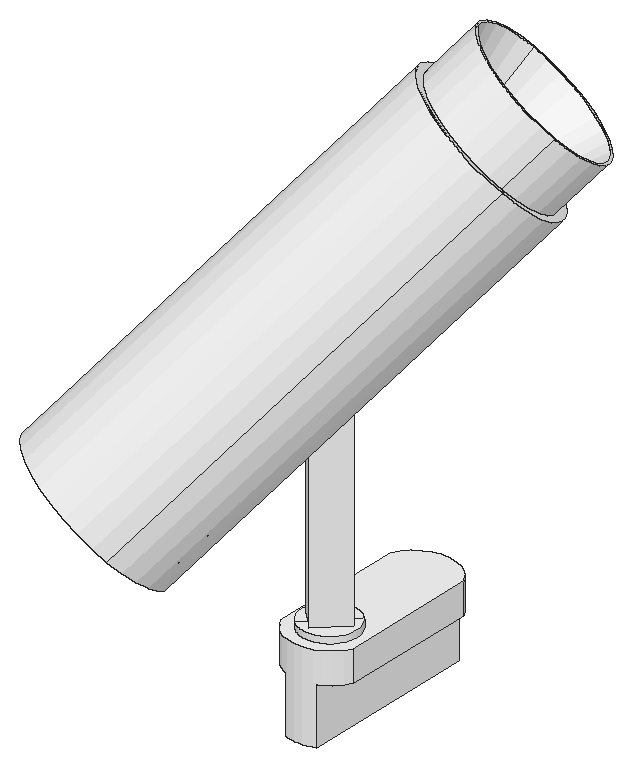
Revit family "0005528", category Lighting Fixtures, host Face, Revit 2017
Family settings
  Host = Face
  Round Connector Dimension = Use Diameter
  Part Type = Normal
  OmniClass Number = 23.80.70.00
  OmniClass Title = Lighting
  Cut with Voids When Loaded = No
  Light Source = No
  Shared = No
  Room Calculation Point = No
Parameters (values of type "0005528 LENZO L 32W 2000LM 940 GLB O/B WHITE - NB")
  Weight = "n/a"
  Wattage Comments = ""
  WarrantyStartDate [instance] = "n/a"
  WarrantyGuarantorParts = "n/a"
  WarrantyDurationUnit = "n/a"
  WarrantyDurationParts = "n/a"
  WarrantyDescription = "n/a"
  Voltage = 230 V
  VerticalRotation_SYL [instance] = 45.00°
  VerticalEndAngle_SYL [instance] = VerticalRotation_SYL - 180.00°  # -135.00°
  URL = "http://www.sylvania-lighting.com"
  TypeName = "LENZO L 32W 2000LM 940 GLB ON BOARD DIMMING WHITE - NB"
  TypeHead_SYL = Lenzo Head : 0005528 LENZO L 32W 2000LM 940 GLB O/B WHITE - NB
  Type Image = <None>
  Type Comments = "n/a"
  SerialNumber [instance] = "n/a"
  Material_3_SYL = none
  PowerFactor = 0
  PowerConsumption = "28 W"
  NominalLength = 76 mm
  NominalHeight = 305 mm
  NominalDepth = 76 mm
  Name = "LENZO L 32W 2000LM 940 GLB ON BOARD DIMMING WHITE - NB"
  ModelReference = Name  # "LENZO L 32W 2000LM 940 GLB ON BOARD DIMMING WHITE - NB"
  ModelNumber = "0005528"
  Model = Name  # "LENZO L 32W 2000LM 940 GLB ON BOARD DIMMING WHITE - NB"
  Material = "aluminium housing, none diffuser"
  ManufacturerName = "Feilo Sylvania"
  Manufacturer = "Feilo Sylvania"
  LuminousEfficacy = "76 lm/W"
  LuminaireType = ""
  LightOutputRatio = "n/a"
  LampsType = Lamp  # "LED"
  LampNominalLuminous = "1000/2200 lm"
  LampMacAdamStep = "3"
  LampColourTemperature = "4000 K"
  LampColourRenderingIndex = "90"
  Lamp = "LED"
  Keynote = "16500"
  InstallationDate [instance] = "n/a"
  InputVoltage = "220-240 V AC"
  InputNominalFrequency = "50/60 Hz"
  IngressProtection = "IP20"
  ImpactProtectionIndex = "IK02"
  IfcExportType = "IfcLightFixtureType"
  IfcExportAs = "IfcLightFixtureType"
  HorizontalRotation_SYL [instance] = -45.00°
  ExpectedLife = 50000
  ElectricShockClassification = "Class I"
  DurationUnit = "hours"
  DocumentationLiterature = "http://www.sylvania-lighting.com/product/en-int/products/0005528"
  DimmingControlOptions = "on board dimming"
  Material_2_SYL = Spacer-Sylvania-StartTrackSpot-Aluminium
  Description = "LENZO L 32W 2000LM 940 GLB O/B WHITE - NB"
  Default Elevation = 1219.2 mm
  CreatedOn = "9/25/2019"
  CreatedBy = "@sylvania-lighting.com"
  Cost = 0
  built-in parameter 1114216 [instance] = (empty or 0)
  ClassificationValue = "EF_70_80"
  ClassificationName = "Uniclass2015"
  Material_1_SYL = Body-Sylvania-StartTrackSpot-White
  BarCode [instance] = "n/a"
  AssetType = "Fixed"
  AssetIdentifier [instance] = "n/a"
  Assembly Code = "D5020200"
  Apparent Load = 28 VA
  Material_4_SYL = none
Types (2, lengths in mm): name | TypeName | TypeHead_SYL | Name | ModelReference | Model | Description
  0005528 LENZO L 32W 2000LM 940 GLB O/B WHITE - WB | "LENZO L 32W 2000LM 940 GLB ON BOARD DIMMING WHITE - WB" | Lenzo Head : 0005528 LENZO L 32W 2000LM 940 GLB O/B WHITE - WB | "LENZO L 32W 2000LM 940 GLB ON BOARD DIMMING WHITE - WB" | "LENZO L 32W 2000LM 940 GLB ON BOARD DIMMING WHITE - WB" | "LENZO L 32W 2000LM 940 GLB ON BOARD DIMMING WHITE - WB" | "LENZO L 32W 2000LM 940 GLB O/B WHITE - WB"
  0005528 LENZO L 32W 2000LM 940 GLB O/B WHITE - NB | "LENZO L 32W 2000LM 940 GLB ON BOARD DIMMING WHITE - NB" | Lenzo Head : 0005528 LENZO L 32W 2000LM 940 GLB O/B WHITE - NB | "LENZO L 32W 2000LM 940 GLB ON BOARD DIMMING WHITE - NB" | "LENZO L 32W 2000LM 940 GLB ON BOARD DIMMING WHITE - NB" | "LENZO L 32W 2000LM 940 GLB ON BOARD DIMMING WHITE - NB" | "LENZO L 32W 2000LM 940 GLB O/B WHITE - NB"
Reference planes
  plane 1 "Center (Front/Back)": y = 0
  plane 2: z = 0
  plane 3 "Center (Left/Right)": x = 0
  plane 4: x = 16.6
  plane 5: x = -16.6
  plane 6: x = 7
  plane 7: x = -7
  plane 8: x = -12.8
  plane 9: y = 42
  plane 10: y = 42
  plane 11: y = -42
  plane 12: y = 31.4
  plane 13: y = -31.4
  plane 14: z = -26
  plane 15: z = 14
  plane 16: z = 14
  plane 17: y = -17.4
  plane 18: y = -6.8
  plane 19: y = -24.4
Forms (mm)
  Extrusion 1, solid, material "Body-Sylvania-StartTrackSpot-White" <- "Material_1_SYL"
    sketch origin (0, 0, 0) x (1, 0, 0) y (0, 1, 0)
      loop
        line (-16.6, 31.4) -> (-16.6, -31.4)
        arc (-16.6, -31.4) -> (0, -42) -> (16.6, -31.4) r 18.298
        line (16.6, -31.4) -> (16.6, 31.4)
        arc (16.6, 31.4) -> (0, 42) -> (-16.6, 31.4) r 18.298
    from -26 to 14
  Extrusion 2, void
    sketch origin (0, 0, 0) x (1, 0, 0) y (0, 1, 0)
      loop
        arc (-7, 40.608) -> (-12.666, 36.907) -> (-16.6, 31.4) r 18.298
        line (-16.6, 31.4) -> (-16.6, -31.4)
        arc (-16.6, -31.4) -> (-12.666, -36.907) -> (-7, -40.608) r 18.298
        line (-7, -40.608) -> (-7, 40.608)
      loop
        line (16.6, -31.4) -> (16.6, 31.4)
        arc (16.6, 31.4) -> (12.666, 36.907) -> (7, 40.608) r 18.298
        line (7, 40.608) -> (7, -40.608)
        arc (7, -40.608) -> (12.666, -36.907) -> (16.6, -31.4) r 18.298
    from 0 to -26
  Revolve 3, solid, not visible
    sketch origin (1524, -24.4, 1219.2) x (1, 0, 0) y (0, 0, 1)
      loop
        line (-1524, -1202.5) -> (-1524, -1183.235) -> (-1531, -1183.235) -> (-1531, -1202.5) -> (-1524, -1202.5)
      axis (-1524, -1183.235) -> (-1524, -1202.5)
    angle from 45 <- "VerticalRotation_SYL" to -135 <- "VerticalEndAngle_SYL"
Cuts and joins
  Extrusion 2 cuts Extrusion 1
Lines and regions (mm)
  reference lines
    curve 1: circle (0, -24.4, 0) r 12.7 normal (0, 0, 1)
    curve 2: arc (-16.6, -31.4, 0) -> (0, -42, 0) -> (16.6, -31.4, 0) r 18.298
    curve 3: arc (-16.6, -17.4, 0) -> (0, -6.8, 0) -> (16.6, -17.4, 0) r 18.298
    curve 4: arc (-16.6, 31.4, 0) -> (0, 42, 0) -> (16.6, 31.4, 0) r 18.298
Dimensions and locks
  plane 6 to plane 3 "Center (Left/Right)" to plane 7 = 7 mm locked, 7 mm locked
  plane 4 to plane 3 "Center (Left/Right)" to plane 5 = 16.6 mm locked, 16.6 mm locked
  locked: plane 3 "Center (Left/Right)" to plane 8 at 12.8
  plane 11 to plane 1 "Center (Front/Back)" to plane 10 = 42 mm locked, 42 mm locked
  plane 13 to plane 1 "Center (Front/Back)" to plane 12 = 31.4 mm locked, 31.4 mm locked
  locked: plane 2 to plane 14 at 26
  locked: plane 13 to plane 17 at 14
  locked: plane 17 to plane 18 at 10.6
  equal spacing: plane 13, plane 19, plane 17
  locked: plane 19 to curve 2 at 0.698
  locked: curve 3 to plane 19 at 0.698
  locked: plane 16 to plane 2 at 14
  aligned and locked: plane 2 to host face
  aligned and locked: level to host face
  aligned and locked: plane 3 "Center (Left/Right)" to curve 1
  aligned and locked: plane 19 to curve 1
  aligned and locked: plane 13 to curve 2  (x2)
  aligned and locked: plane 17 to curve 3  (x2)
  aligned and locked: plane 12 to curve 4  (x2)
  aligned and locked: plane 4 to curve 4
  aligned and locked: plane 3 "Center (Left/Right)" to curve 4
  aligned and locked: plane 5 to curve 2
  aligned and locked: plane 5 to curve 3
  aligned and locked: plane 4 to curve 3
  aligned and locked: plane 4 to curve 2
  aligned and locked: plane 12 to Extrusion 1 sketch curve
  aligned and locked: plane 13 to Extrusion 1 sketch curve
  aligned and locked: Extrusion 1 sketch curve to curve 4
  aligned and locked: Extrusion 1 sketch curve to curve 2
  aligned and locked: Extrusion 1 to plane 15
  aligned and locked: plane 14 to Extrusion 1
  aligned and locked: Extrusion 2 sketch curve to Extrusion 1  (x5)
  aligned and locked: Extrusion 2 sketch curve to plane 7
  aligned and locked: plane 14 to Extrusion 2
  aligned and locked: level to Extrusion 2
  aligned and locked: Revolve 3 sketch curve to plane 3 "Center (Left/Right)"
  aligned and locked: plane 16 to nested 1
  aligned and locked: plane 16 to plane 15
Automatic sketch dimensions
  plane 12 to curve 4 = 7.698 mm
  plane 12 to Extrusion 2 sketch curve = 0 mm
  Extrusion 2 sketch curve to Extrusion 2 sketch curve = 0 mm  (x2)
  Extrusion 2 sketch curve to plane 6 = 0 mm
  Revolve 3 sketch curve to plane 7 = 0 mm
  Revolve 3 sketch curve to Revolve 3 sketch curve = 19.265 mm
  plane 14 to Revolve 3 sketch curve = 583.6 mm
  Revolve 3 sketch curve to Revolve 3 sketch curve = 2558.594 mm
  Revolve 3 sketch curve to plane 3 "Center (Left/Right)" = 0 mm
  host sketch curve to host sketch curve = 200 mm  (x2)
  Revolve 3 sketch curve to plane 16 = 2.7 mm
  radius of curve 1 = 12.7 mm
Nested families
  nested 1: "Lenzo Arm" at (0, -24.4, 14) x (0, 0, -1) z (0.7071, 0.7071, 0), HorizontalRotation_SYL <- "HorizontalRotation_SYL", type "START Track Spot Integral WH"
    with HorizontalRotation_SYL -45.00°, HorizontalEndAngle_SYL -225.00°
  nested 2: "Lenzo Head" at (-14.453, -38.853, 130.44) x (0.7071, -0.7071, 0) z (-0.5, -0.5, -0.7071), type <- "TypeHead_SYL", type "0005528 LENZO L 32W 2000LM 940 GLB O/B WHITE - NB"
    with built-in parameter 1114216 (empty or 0)
Connectors
  electrical at (0, 0, 0), driven by "Apparent Load", driven by "PowerFactor", driven by "Voltage"
    settings: index 1, voltage 230 V, apparent load 28 VA, apparent load phase1 0 VA, apparent load phase2 0 VA, apparent load phase3 0 VA, power factor 0, load classification "Lighting", number of poles 1, system type 30, power factor state 1, is connector primary yes, connector utility no, sub classification motor no, connector description ""
Definition of nested family "Lenzo Arm"
  Parameters (values of type "START Track Spot Integral WH")
    URL = "http://www.sylvania-lighting.com"
    Type Image = (empty or 0)
    Type Comments = "n/a"
    Material_3_SYL = none
    Model = ""
    Manufacturer = "Feilo Sylvania"
    Keynote = ""
    Material_2_SYL = none
    HorizontalRotation_SYL [instance] = 0.00°
    HorizontalEndAngle_SYL [instance] = HorizontalRotation_SYL - 180.00°  # -180.00°
    Description = ""
    Default Elevation = 1219.2 mm
    Cost = 0
    Material_1_SYL = none
    Assembly Code = ""
    Material_4_SYL = none
  Reference planes
    plane 1 "Center (Front/Back)": y = 0
    plane 2: z = 0
    plane 3 "Center (Left/Right)": x = 0
    plane 4: x = -3
    plane 5: z = -12.5
    plane 6: z = 12.5
    plane 7: x = -96
    plane 8: z = 8
    plane 9: z = -8
    plane 10: x = -103
    plane 11: y = 5.5
    plane 12: y = -5.5
  Forms (mm)
    Extrusion 1, solid
      sketch origin (1116.2, 0, 0) x (1, 0, 0) y (0, 1, 0)
        loop
          line (-1283.103, 99.845) -> (-1283.103, -100.155) -> (-1083.103, -100.155) -> (-1083.103, 99.845) -> (-1283.103, 99.845)
      from 0 to -68.017
    Revolve 2, solid, material <- "Material_1_SYL"
      sketch origin (0, 0, 0) x (1, 0, 0) y (0, 0, 1)
        loop
          line (0, 0) -> (0, 12.5) -> (-3, 12.5) -> (-3, 0) -> (0, 0)
        axis (-3, 0) -> (0, 0)
      angle from 360 to 0
    Extrusion 3, solid, material <- "Material_1_SYL"
      sketch origin (0, 0, 0) x (1, 0, 0) y (0, 0, 1)
        loop
          line (-3, 8) -> (-103, 8) -> (-103, -8) -> (-3, -8) -> (-3, 8)
      from -5.5 to 5.5
    Revolve 4, solid, not visible
      sketch origin (-96, -4572, 2609.058) x (0, 0, 1) y (0, -1, 0)
        loop
          line (-2609.058, -4553.46) -> (-2609.058, -4590.54) -> (-2605.058, -4590.54) -> (-2605.058, -4553.46) -> (-2609.058, -4553.46)
        axis (-2609.058, -4553.46) -> (-2609.058, -4590.54)
      angle from 0 <- "HorizontalRotation_SYL" to -180 <- "HorizontalEndAngle_SYL"
  Dimensions and locks
    locked: plane 3 "Center (Left/Right)" to plane 4 at 3
    plane 6 to plane 2 to plane 5 = 12.5 mm locked, 12.5 mm locked
    equal spacing: Revolve 4 sketch curve, plane 1 "Center (Front/Back)", Revolve 4 sketch curve
    locked: Revolve 4 sketch curve to plane 1 "Center (Front/Back)" at 18.54
    locked: plane 4 to plane 10 at 100
    locked: plane 1 "Center (Front/Back)" to plane 11 at 5.5
    locked: plane 12 to plane 1 "Center (Front/Back)" at 5.5
    plane 8 to plane 2 to plane 9 = 8 mm, 8 mm
    locked: plane 7 to plane 10 at 7
    aligned and locked: plane 2 to Extrusion 1
    aligned and locked: level to Extrusion 1
    aligned and locked: plane 12 to Extrusion 3
    aligned and locked: Extrusion 3 to plane 11
    aligned and locked: plane 9 to Extrusion 3 sketch curve
    aligned and locked: Extrusion 3 sketch curve to plane 8
    aligned and locked: Extrusion 3 sketch curve to plane 10
    aligned and locked: Revolve 2 sketch curve to plane 6
Definition of nested family "Lenzo Head"
  Parameters (values of type "0005528 LENZO L 32W 2000LM 940 GLB O/B WHITE - NB")
    WidthCutOut_SYL = 13 mm  # constant formula
    Wattage Comments = "n/a"
    Wattage = 28 W
    built-in parameter 1150110 = 1 (stored number, unit not read)
    URL = "http://www.sylvania-lighting.com"
    Type Image = (empty or 0)
    Type Comments = "n/a"
    built-in parameter 1114217 = 1 (stored number, unit not read)
    Tilt Angle = 90.00°
    built-in parameter 1150109 = 1 (stored number, unit not read)
    built-in parameter 1150134 = 12
    built-in parameter 1150113 = 1 (stored number, unit not read)
    S_SYL = no
    RadiusLensOut_SYL = 21 mm
    RadiusLensHolder_SYL = 1.8 mm  # constant formula
    RadiusHead_SYL = if(S_SYL, 30 mm, 38 mm)  # 38 mm
    RadiusEmission_SYL = 8 mm
    Photometric Web File = "0005528-NB.ies"
    Material_3_SYL = none
    Model = "LENZO L 32W 2000LM 940 GLB ON BOARD DIMMING WHITE - NB"
    Manufacturer = "Feilo Sylvania"
    built-in parameter 1150105 = 169.34 (stored number, unit not read)
    Lumens = 2128 lm
    built-in parameter 1150115 = 1 (stored number, unit not read)
    built-in parameter 1150137 = (empty or 0)
    built-in parameter 1150139 = (empty or 0)
    LensProtrusion_SYL = 27 mm
    built-in parameter 1150112 = 1 (stored number, unit not read)
    built-in parameter 1150114 = 1 (stored number, unit not read)
    Lamp = "LED"
    Keynote = "16500"
    Material_2_SYL = none
    built-in parameter 1150132 = (empty or 0)
    built-in parameter 1150102 = (empty or 0)
    built-in parameter 1150107 = 4000 (stored number, unit not read)
    built-in parameter 1150138 = (empty or 0)
    built-in parameter 1150106 = 1.6934 (stored number, unit not read)
    Height_SYL = if(S_SYL, 162 mm, 201 mm)  # 201 mm
    HeightCutOut_SYL = if(S_SYL, 76 mm, 96 mm)  # 96 mm
    Emit from Circle Diameter = RadiusLensOut_SYL * 2  # 42 mm
    Emit Shape Visible in Rendering = no
    built-in parameter 1150104 = 7.0606 (stored number, unit not read)
    DistRotateAxisY_SYL = if(S_SYL, 66 mm, 90 mm)  # 90 mm
    Dimming Lamp Color Temperature Shift = (empty or 0)
    Description = "LENZO L 32W 2000LM 940 GLB O/B WHITE - NB"
    DepthCutOut_SYL = 16 mm  # constant formula
    Default Elevation = 1219.2 mm
    Cost = 0
    Color Filter = 16777215
    built-in parameter 1114216 [instance] = (empty or 0)
    Material_1_SYL = none
    built-in parameter 1114218 = 1 (stored number, unit not read)
    built-in parameter 1150133 = 10 (stored number, unit not read)
    Assembly Code = "D5020200"
    Apparent Load = 28 VA
    Material_4_SYL = none
  Types (2, lengths in mm): name | Photometric Web File | Model | LensProtrusion_SYL | Description
    0005528 LENZO L 32W 2000LM 940 GLB O/B WHITE - WB | "0005528-WB.ies" | "LENZO L 32W 2000LM 940 GLB ON BOARD DIMMING WHITE - WB" | 10 | "LENZO L 32W 2000LM 940 GLB O/B WHITE - WB"
    0005528 LENZO L 32W 2000LM 940 GLB O/B WHITE - NB | "0005528-NB.ies" | "LENZO L 32W 2000LM 940 GLB ON BOARD DIMMING WHITE - NB" | 27 | "LENZO L 32W 2000LM 940 GLB O/B WHITE - NB"
  Reference planes
    plane 1 "Center (Front/Back)": y = 0
    plane 2: z = 0
    plane 3 "Center (Left/Right)": x = 0
    plane 4: x = 38
    plane 5: z = 90
    plane 6: z = -111
    plane 7: x = 34.5
    plane 8: x = 21
    plane 9: x = 8
    plane 10: z = -75
    plane 11: z = -6
    plane 12: x = 33.5
    plane 13: z = -88
    plane 14: z = -73
    plane 15: z = -1
    plane 16: x = 6.5
    plane 17: x = -6.5
    plane 18: y = -38
    plane 19: y = -22
    plane 20: y = -30
    plane 21: z = -138
    plane 22: x = 24.5
    plane 23: z = -113
    plane 24: z = -134.762
    plane 25: z = -134.762
    plane 26: x = 1.5
    plane 27: z = -82.762
    plane 28: x = -1.5
    plane 29: z = -84.762
    plane 30: z = -84.762
    plane 31: z = -132.762
    plane 32: x = -51.5
    plane 33: z = -132.762
    plane 34: z = -84.762
    plane 35: z = -134.762
    plane 36: z = -134.762
    plane 37: x = 26.5
    plane 38: z = -105
  Forms (mm)
    Extrusion 1, solid
      sketch origin (4.2, -1183.2, 0) x (1, 0, 0) y (0, 1, 0)
        loop
          line (-55.7, 1231.317) -> (-55.7, 1131.317) -> (44.3, 1131.317) -> (44.3, 1231.317) -> (-55.7, 1231.317)
      from 0 to -20
    Revolve 2, solid, material <- "Material_1_SYL"
      sketch origin (0, 0, 0) x (1, 0, 0) y (0, 0, 1)
        loop
          line (38, -111) -> (38, 90) -> (34.5, 90) -> (34.5, -111) -> (38, -111)
        axis (0, 90) -> (0, -111)
      angle from 360 to 0
    Revolve 3, solid, material <- "Material_1_SYL"
      sketch origin (0, 0, 0) x (1, 0, 0) y (0, 0, 1)
        loop
          line (34.5, 90) -> (0, 90) -> (0, -6) -> (34.5, -6) -> (34.5, 90)
        axis (0, 90) -> (0, -6)
      angle from 360 to 0
    Revolve 4, solid
      sketch origin (0, 0, 0) x (1, 0, 0) y (0, 0, 1)
        loop
          line (0, -75) -> (8, -75)
          arc (8, -75) -> (22.311, -78.438) -> (33.5, -88) r 31.51
          line (33.5, -88) -> (34.5, -88) -> (34.5, -73) -> (0, -73) -> (0, -75)
        axis (0, -73) -> (0, -88)
      angle from 360 to 0
    Extrusion 5, void
      sketch origin (1524, -38, 1219.2) x (-1, 0, 0) y (0, 0, 1)
        loop
          line (1530.5, -1225.2) -> (1530.5, -1129.2) -> (1517.5, -1129.2) -> (1517.5, -1225.2) -> (1530.5, -1225.2)
      from 0 to 16
    Revolve 6, solid, material <- "Material_1_SYL"
      sketch origin (0, 0, 0) x (1, 0, 0) y (0, 0, 1)
        loop
          line (34.5, -138) -> (34.5, -105) -> (24.5, -105) -> (24.5, -113) -> (33.5, -138) -> (34.5, -138)
        axis (0, -105) -> (0, -138)
      angle from 360 to 0
    Revolve 7, solid, material <- "Material_2_SYL"
      sketch origin (0, 0, 0) x (1, 0, 0) y (0, 0, 1)
        loop
          line (0, -113) -> (24.5, -113) -> (24.5, -105) -> (0, -105) -> (0, -113)
        axis (0, -105) -> (0, -113)
      angle from 360 to 0
  Cuts and joins
    Extrusion 5 cuts Revolve 3
    Extrusion 5 cuts Revolve 2
  Dimensions and locks
    "RadiusHead_SYL": plane 4 to plane 3 "Center (Left/Right)"
    "DistRotateAxisY_SYL": plane 5 to plane 2
    "Height_SYL": plane 5 to plane 6
    plane 4 to plane 7 = 3.5 mm
    "RadiusLensOut_SYL": plane 8 to plane 3 "Center (Left/Right)"
    "RadiusEmission_SYL": plane 9 to plane 3 "Center (Left/Right)"
    "HeightCutOut_SYL": plane 5 to plane 11
    plane 12 to plane 8 = 12.5 mm
    locked: plane 2 to plane 15 at 1
    equal spacing: plane 16, plane 3 "Center (Left/Right)", plane 17
    "WidthCutOut_SYL": plane 16 to plane 17
    "RadiusHead_SYL": plane 18 to plane 1 "Center (Front/Back)"
    "DepthCutOut_SYL": plane 18 to plane 19
    equal spacing: plane 18, plane 20, plane 19
    "LensProtrusion_SYL": plane 6 to plane 21
    locked: plane 14 to plane 10 at 2
    locked: plane 10 to plane 13 at 13
    locked: plane 7 to plane 22 at 10
    locked: plane 23 to plane 21 at 25
    locked: plane 7 to plane 12 at 1
    locked: plane 38 to plane 23 at 8
    locked: plane 13 to plane 6 at 23
    aligned and locked: plane 2 to Extrusion 1
    aligned and locked: level to Extrusion 1
    aligned and locked: Revolve 2 sketch curve to plane 3 "Center (Left/Right)"
    aligned and locked: Revolve 2 sketch curve to plane 6
    aligned and locked: Revolve 2 sketch curve to plane 4
    aligned and locked: plane 5 to Revolve 2 sketch curve
    aligned and locked: plane 7 to Revolve 2 sketch curve
    aligned and locked: Revolve 3 sketch curve to plane 3 "Center (Left/Right)"
    aligned and locked: Revolve 3 sketch curve to Revolve 2  (x3)
    aligned and locked: Revolve 3 sketch curve to plane 11
    aligned and locked: plane 3 "Center (Left/Right)" to Revolve 3 sketch curve
    aligned and locked: Revolve 4 sketch curve to plane 3 "Center (Left/Right)"  (x2)
    aligned and locked: plane 3 "Center (Left/Right)" to Revolve 4 sketch curve
    aligned and locked: plane 9 to Revolve 4 sketch curve
    aligned and locked: plane 10 to Revolve 4 sketch curve
    aligned and locked: plane 12 to Revolve 4 sketch curve
    aligned and locked: plane 13 to Revolve 4 sketch curve
    aligned and locked: plane 11 to Extrusion 5 sketch curve
    aligned and locked: Extrusion 5 sketch curve to plane 17
    aligned and locked: Extrusion 5 sketch curve to plane 5
    aligned and locked: plane 16 to Extrusion 5 sketch curve
    aligned and locked: Extrusion 5 to plane 19
    aligned and locked: plane 18 to Extrusion 5
    aligned and locked: plane 3 "Center (Left/Right)" to imposter light
    aligned and locked: imposter light to plane 1 "Center (Front/Back)"
    aligned and locked: Revolve 6 sketch curve to plane 3 "Center (Left/Right)"
    aligned and locked: plane 7 to Revolve 6 sketch curve
    aligned and locked: Revolve 6 sketch curve to plane 21
    aligned and locked: Revolve 6 sketch curve to plane 7
    aligned and locked: Revolve 7 sketch curve to Revolve 6  (x2)
    aligned and locked: Revolve 7 sketch curve to plane 3 "Center (Left/Right)"  (x2)
    aligned and locked: Revolve 6 to Revolve 7 sketch curve
    aligned and locked: imposter light to plane 23
  Automatic sketch dimensions
    plane 6 to Revolve 2 sketch curve = 487.1 mm
    Revolve 2 sketch curve to plane 5 = 2571.558 mm
    Revolve 4 sketch curve to plane 10 = 2 mm
    plane 6 to Revolve 4 sketch curve = 487.1 mm
    Revolve 4 sketch curve to plane 5 = 2571.558 mm
    Revolve 4 sketch curve to plane 7 = 0 mm
    plane 6 to Revolve 3 sketch curve = 487.1 mm
    Revolve 3 sketch curve to Revolve 3 sketch curve = 2571.558 mm
    Extrusion 1 sketch curve to Extrusion 1 sketch curve = 100 mm  (x2)
    Revolve 6 sketch curve to plane 22 = 0 mm
    Revolve 6 sketch curve to plane 12 = 0 mm
    Revolve 6 sketch curve to plane 23 = 0 mm
    Revolve 6 sketch curve to plane 38 = 0 mm
    Revolve 6 sketch curve to plane 5 = 2592.258 mm
    Revolve 7 sketch curve to plane 5 = 2592.258 mm
    plane 21 to Revolve 6 sketch curve = 456.4 mm
    plane 21 to Revolve 7 sketch curve = 456.4 mm
